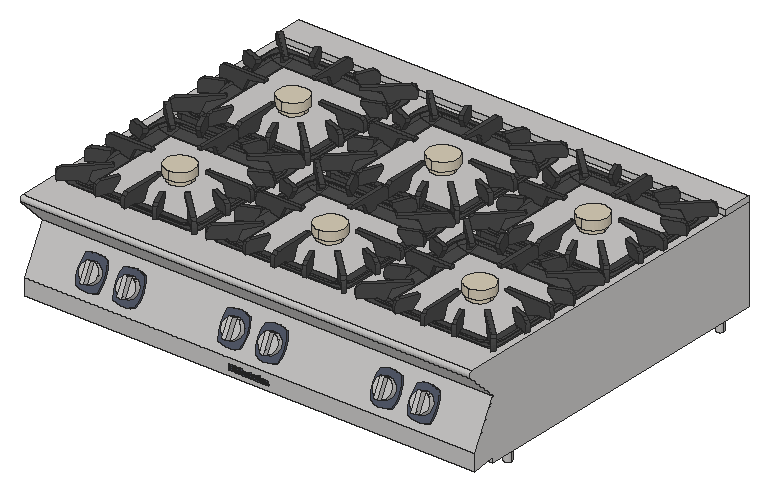
Revit family "QF_ELECTROLUXPROFESSIONAL_391196_E9GCTL6C0M", category Specialty Equipment, Revit 2018
Family settings
  Round Connector Dimension = Use Diameter
  Part Type = Normal
  Work Plane-Based = No
  Always vertical = Yes
  Cut with Voids When Loaded = No
  Shared = No
  Room Calculation Point = No
Parameters
  Width = 1200.000 mm  # constant formula
  Weight in Pounds = 90  # constant formula
  Watts = 0 W
  URL Cutsheet = "www.electrolux.com"
  URL = "www.electrolux.com"
  Type Mark [instance] = ""
  Status [instance] = ""
  Specification by User [instance] = ""
  Specification by Manufacturer = ""
  Show Logo [instance] = yes
  Show Clearance [instance] = yes
  Serial Number = ""
  Seismic Rating = ""
  SMACNA No = ""
  Revision Code [instance] = ""
  Omniclass Number and Title = ""
  NAFEM Spec ID Number = ""
  Model = "391196"
  Mechanical Remarks [instance] = ""
  Mechanical Connection Type [instance] = ""
  Masterspec = ""
  Manufacturer = "ELECTROLUX"
  Item Number [instance] = ""
  Installed By [instance] = ""
  Identify Quantity as Lot [instance] = yes
  Height = 288.925 mm  # constant formula
  HP = "0 HP"
  Gas Size = 12.700 mm  # 1/2"
  Gas RI Height [instance] = 0.000 mm
  Gas KW [instance] = 60  # constant formula
  Gas Input [instance] = 59944.8 VA  # 204540.0 Btu/h
  Gas Connection Height = 0.000 mm
  Furnished By [instance] = ""
  Foodservice Equipment Identifier [instance] = yes
  Direct Waste Size = 0"
  Description = "900XP 6 GAS BOILING TOP 7.5 kW - TOWN GAS"
  Depth = 930.000 mm  # constant formula
  CSI MasterFormat = ""
  CSI Master Format = ""
  Base Height = 24.000 mm  # constant formula
  Assembly Code = ""
Reference planes
  plane 1 "BACK": y = 0
  plane 2: z = 0
  plane 3 "LEFT": x = 0
  plane 4 "RIGHT": x = 1200
  plane 5 "FRONT": y = -930
  plane 6 "TOP": z = 274.825
  plane 7 "Center Y": x = 600
  plane 8 "Center X": y = -465
  plane 9: z = 24
  plane 10: z = 288.925
  plane 11: z = 309.825
  plane 12: y = -80.7
  plane 13: y = -788.7
  plane 14: z = 53
  plane 15: y = -664.7
  plane 16: y = -607.7
  plane 17: x = 1148
  plane 18: x = 1049
  plane 19: z = 3.812
  plane 20: x = 11.112
  plane 21: x = 1148
  plane 22: x = 1188.888
Forms (mm)
  Extrusion 1, solid, material "QF_Finishes_Stainless Steel"
    sketch origin (0, 0, 0) x (0, 1, 0) y (0, 0, 1)
      loop
        line (0, 274.825) -> (0, 288.925) -> (-76.2, 288.925) -> (-76.2, 274.825) -> (0, 274.825)
    from 0 to 1200
  Extrusion 2, solid, material "QF_Clearances", visible <- "Show Clearance", detail levels coarse
    sketch origin (0, 0, 0) x (1, 0, 0) y (0, 1, 0)
      loop
        line (-100, -929.879) -> (0, -929.879) -> (0, 0) -> (1200, 0) -> (1200, -929.879) -> (1300, -929.879) -> (1300, 100) -> (-100, 100) -> (-100, -929.879)
    from 0 to 309.825
  Extrusion 3, void
    sketch origin (0, 0, 0) x (1, 0, 0) y (0, 1, 0)
      loop
        line (44.565, -824.098) -> (358.141, -824.098)
        arc (358.141, -824.098) -> (374.37, -817.376) -> (381.092, -801.147) r 22.951
        line (381.092, -801.147) -> (381.092, -114.13)
        arc (381.092, -114.13) -> (374.37, -97.901) -> (358.141, -91.179) r 22.951
        line (358.141, -91.179) -> (44.565, -91.179)
        arc (44.565, -91.179) -> (28.336, -97.901) -> (21.614, -114.13) r 22.951
        line (21.614, -114.13) -> (21.614, -801.147)
        arc (21.614, -801.147) -> (28.336, -817.376) -> (44.565, -824.098) r 22.951
    from 263.061 to 276.145
  Extrusion 4, solid, material "QF_Finishes_Stainless Steel"
    sketch origin (0, -877.839, 0) x (1, 0, 0) y (0, 1, 0)
      loop
        circle (11.112, 89.139) r 9.525
      loop
        circle (1188.888, 89.139) r 9.525
    from 0 to 23.812
  Extrusion 5, solid, material "QF_Finishes_Navy Blue"
    sketch origin (-2.306, -915.924, 68.182) x (0, 0.465426, 0.885087) y (-1, 0, 0)
      loop
        arc (102.623, -510.47) -> (67.041, -502.846) -> (31.333, -509.853) r 90.5
        arc (31.333, -509.853) -> (24.507, -539.04) -> (31.333, -568.228) r 65.817
        arc (31.333, -568.228) -> (67.04, -575.188) -> (102.623, -567.615) r 91.066
        arc (102.623, -567.615) -> (109.179, -539.043) -> (102.623, -510.47) r 65.546
    from 0 to 3.175
  Extrusion 6, solid, material "QF_Finishes_Stainless Steel"
    sketch origin (-2.306, -918.734, 69.66) x (0, 0.465426, 0.885087) y (-1, 0, 0)
      loop
        circle (66.843, -539.713) r 25.4
    from 0 to 12.7
  Extrusion 7, solid, material "QF_Finishes_Stainless Steel"
    sketch origin (-2.306, -929.975, 75.571) x (0, 0.465426, 0.885087) y (-1, 0, 0)
      loop
        arc (91.575, -545.499) -> (92.243, -539.713) -> (91.575, -533.927) r 25.4
        line (91.575, -533.927) -> (42.111, -533.927)
        arc (42.111, -533.927) -> (41.443, -539.713) -> (42.111, -545.499) r 25.4
        line (42.111, -545.499) -> (91.575, -545.499)
    from 0 to 12.7
  Extrusion 8, solid, material "QF_Finishes_Navy Blue"
    sketch origin (97.694, -915.924, 68.182) x (0, 0.465426, 0.885087) y (-1, 0, 0)
      loop
        arc (102.623, -510.47) -> (67.041, -502.846) -> (31.333, -509.853) r 90.5
        arc (31.333, -509.853) -> (24.507, -539.04) -> (31.333, -568.228) r 65.817
        arc (31.333, -568.228) -> (67.04, -575.188) -> (102.623, -567.615) r 91.066
        arc (102.623, -567.615) -> (109.179, -539.043) -> (102.623, -510.47) r 65.546
    from 0 to 3.175
  Extrusion 9, solid, material "QF_Finishes_Stainless Steel"
    sketch origin (-2.306, -918.734, 69.66) x (0, 0.465426, 0.885087) y (-1, 0, 0)
      loop
        circle (66.843, -639.713) r 25.4
    from 0 to 12.7
  Extrusion 10, solid, material "QF_Finishes_Stainless Steel"
    sketch origin (-2.306, -929.975, 75.571) x (0, 0.465426, 0.885087) y (-1, 0, 0)
      loop
        arc (91.575, -645.499) -> (92.243, -639.713) -> (91.575, -633.927) r 25.4
        line (91.575, -633.927) -> (42.111, -633.927)
        arc (42.111, -633.927) -> (41.443, -639.713) -> (42.111, -645.499) r 25.4
        line (42.111, -645.499) -> (91.575, -645.499)
    from 0 to 12.7
  Extrusion 11, void
    sketch origin (398.075, 0, 0) x (1, 0, 0) y (0, 1, 0)
      loop
        line (41.909, -824.098) -> (358.141, -824.098)
        arc (358.141, -824.098) -> (374.37, -817.376) -> (381.092, -801.147) r 22.951
        line (381.092, -801.147) -> (381.092, -114.13)
        arc (381.092, -114.13) -> (374.37, -97.901) -> (358.141, -91.179) r 22.951
        line (358.141, -91.179) -> (41.909, -91.179)
        arc (41.909, -91.179) -> (25.68, -97.901) -> (18.958, -114.13) r 22.951
        line (18.958, -114.13) -> (18.958, -801.147)
        arc (18.958, -801.147) -> (25.68, -817.376) -> (41.909, -824.098) r 22.951
    from 263.061 to 276.145
  Extrusion 12, solid, material "QF_Finishes_Stainless Steel"
    sketch origin (399.95, -851.972, 23.812) x (1, 0, 0) y (0, -1, 0)
      loop
        circle (748.05, -187.272) r 6.35
    from -29.188 to 12.621
  Extrusion 13, solid, material "QF_Finishes_Stainless Steel"
    sketch origin (799.95, -930, -3.175) x (1, 0, 0) y (0, 0, 1)
      loop
        circle (348.05, 56.936) r 6.35
    from -90.903 to -930
  Revolve 14, solid, material "QF_Finishes_Stainless Steel"
    sketch origin (399.95, -607.7, 0) x (1, 0, 0) y (0, 0, 1)
      loop
        line (649.05, 24) -> (649.05, 3.812) -> (654.05, 3.812) -> (654.05, 24) -> (649.05, 24)
      axis (649.05, 3.812) -> (649.05, 24)
    angle from 0 to 360
  Extrusion 15, solid, material "QF_Finishes_Navy Blue", visible <- "Show Logo"
    sketch origin (400, -913.213, 30.163) x (0, 0, 1) y (-1, 0, 0)
      loop
        line (27.764, -154.438) -> (15.398, -154.438)
        arc (15.398, -154.438) -> (21.581, -159.009) -> (27.764, -154.438) r 6.467
      loop
        arc (27.764, -153.809) -> (26.595, -148.666) -> (21.939, -146.188) r 6.338
        line (21.939, -146.188) -> (21.939, -148.234)
        arc (21.939, -148.234) -> (23.423, -151.889) -> (26.869, -153.809) r 5.941
        line (26.869, -153.809) -> (27.764, -153.809)
      loop
        arc (16.293, -153.809) -> (19.739, -151.889) -> (21.222, -148.234) r 5.941
        line (21.222, -148.234) -> (21.222, -146.188)
        arc (21.222, -146.188) -> (16.528, -148.662) -> (15.239, -153.809) r 6.504
        line (15.239, -153.809) -> (16.293, -153.809)
      loop
        line (28.439, -145.719) -> (14.695, -145.719) -> (14.695, -159.482) -> (28.439, -159.482) -> (28.439, -145.719)
      loop
        arc (28.523, -162.449) -> (28.175, -162.092) -> (27.808, -162.43) r 0.358
        arc (27.808, -162.43) -> (27.494, -163.18) -> (26.777, -163.565) r 1.216
        line (26.777, -163.565) -> (16.364, -163.565)
        arc (16.364, -163.565) -> (15.704, -163.287) -> (15.308, -162.691) r 1.238
        arc (15.308, -162.691) -> (14.914, -162.44) -> (14.608, -162.794) r 0.358
        line (14.608, -162.794) -> (14.608, -172.673) -> (17.359, -172.673) -> (17.359, -171.776)
        arc (17.359, -171.776) -> (16.45, -171.196) -> (15.995, -170.219) r 1.928
        line (15.995, -170.219) -> (15.995, -167.719)
        arc (15.995, -167.719) -> (16.27, -166.991) -> (16.959, -166.627) r 1.101
        line (16.959, -166.627) -> (21.045, -166.627) -> (21.045, -170.3)
        arc (21.045, -170.3) -> (20.692, -170.797) -> (20.127, -171.025) r 1.083
        arc (20.127, -171.025) -> (19.864, -171.331) -> (20.156, -171.609) r 0.292
        line (20.156, -171.609) -> (23.118, -171.609)
        arc (23.118, -171.609) -> (23.421, -171.336) -> (23.182, -171.006) r 0.305
        arc (23.182, -171.006) -> (22.692, -170.758) -> (22.387, -170.3) r 1.083
        line (22.387, -170.3) -> (22.387, -166.627) -> (27.064, -166.627) -> (27.064, -170.374)
        arc (27.064, -170.374) -> (26.85, -171.13) -> (26.243, -171.628) r 1.314
        arc (26.243, -171.628) -> (26.024, -172.032) -> (26.379, -172.324) r 0.361
        line (26.379, -172.324) -> (28.523, -172.324) -> (28.523, -162.449)
      loop
        arc (27.805, -173.105) -> (27.425, -174.023) -> (26.506, -174.404) r 1.299
        line (26.506, -174.404) -> (16.928, -174.404)
        arc (16.928, -174.404) -> (16.09, -174.026) -> (15.818, -173.148) r 1.118
        line (15.818, -173.148) -> (14.608, -173.148) -> (14.608, -178.498) -> (15.797, -178.498)
        arc (15.797, -178.498) -> (16.068, -177.581) -> (16.938, -177.185) r 1.153
        line (16.938, -177.185) -> (29.011, -177.185) -> (27.805, -173.105)
      loop
        line (19.573, -181.134) -> (19.573, -187.581) -> (20.372, -187.581)
        arc (20.372, -187.581) -> (22.953, -186.597) -> (24.221, -184.143) r 3.874
        line (24.221, -184.143) -> (24.221, -182.383)
        arc (24.221, -182.383) -> (23.035, -179.518) -> (20.17, -178.332) r 4.051
        line (20.17, -178.332) -> (18.162, -178.332)
        arc (18.162, -178.332) -> (15.344, -179.816) -> (14.292, -182.824) r 4.352
        arc (14.292, -182.824) -> (14.656, -185.287) -> (16.034, -187.361) r 5.713
        line (16.034, -187.361) -> (16.983, -187.361)
        arc (16.983, -187.361) -> (16.25, -185.792) -> (16.034, -184.074) r 5.579
        arc (16.034, -184.074) -> (16.828, -182.111) -> (18.707, -181.134) r 3.057
        line (18.707, -181.134) -> (19.573, -181.134)
      loop
        line (20.832, -181.134) -> (20.832, -184.716)
        arc (20.832, -184.716) -> (22.289, -184.763) -> (23.172, -183.604) r 1.59
        line (23.172, -183.604) -> (23.172, -182.774)
        arc (23.172, -182.774) -> (22.308, -181.519) -> (20.832, -181.134) r 2.184
      loop
        arc (23.623, -196.999) -> (24.112, -195.325) -> (24.27, -193.588) r 9.023
        line (24.27, -193.588) -> (24.27, -192.225)
        arc (24.27, -192.225) -> (23.11, -189.426) -> (20.311, -188.266) r 3.959
        line (20.311, -188.266) -> (17.71, -188.266)
        arc (17.71, -188.266) -> (15.429, -189.559) -> (14.311, -191.932) r 4.331
        line (14.311, -191.932) -> (14.311, -194.067)
        arc (14.311, -194.067) -> (14.819, -195.617) -> (15.741, -196.963) r 5.772
        arc (15.741, -196.963) -> (16.503, -197.014) -> (16.589, -196.255) r 0.553
        arc (16.589, -196.255) -> (16.201, -195.521) -> (16.068, -194.702) r 2.573
        line (16.068, -194.702) -> (16.068, -193.187)
        arc (16.068, -193.187) -> (17.073, -191.545) -> (18.888, -190.903) r 2.884
        line (18.888, -190.903) -> (20.167, -190.903)
        arc (20.167, -190.903) -> (21.988, -191.463) -> (22.915, -193.128) r 2.554
        line (22.915, -193.128) -> (22.915, -194.181)
        arc (22.915, -194.181) -> (22.583, -195.109) -> (21.926, -195.844) r 2.564
        arc (21.926, -195.844) -> (21.705, -196.561) -> (22.314, -196.999) r 0.643
        line (22.314, -196.999) -> (23.623, -196.999)
      loop
        line (22.605, -197.269) -> (22.605, -198.77) -> (16.557, -198.77)
        arc (16.557, -198.77) -> (14.969, -199.428) -> (14.311, -201.016) r 2.246
        line (14.311, -201.016) -> (14.311, -202.6)
        arc (14.311, -202.6) -> (14.625, -203.464) -> (15.126, -204.236) r 4.06
        arc (15.126, -204.236) -> (15.858, -204.369) -> (16.109, -203.668) r 0.576
        arc (16.109, -203.668) -> (16.003, -203.142) -> (16.068, -202.61) r 1.69
        arc (16.068, -202.61) -> (16.609, -201.822) -> (17.516, -201.519) r 1.506
        line (17.516, -201.519) -> (22.653, -201.519) -> (22.653, -203.916) -> (23.21, -204.472) -> (24.031, -204.472) -> (24.031, -201.612) -> (27.263, -201.612) -> (22.605, -197.269)
      loop
        line (14.529, -205.37) -> (14.529, -210.757) -> (15.639, -210.757)
        arc (15.639, -210.757) -> (16.033, -209.806) -> (16.984, -209.412) r 1.345
        line (16.984, -209.412) -> (20.6, -209.412)
        arc (20.6, -209.412) -> (21.364, -210.003) -> (21.654, -210.926) r 1.615
        line (21.654, -210.926) -> (21.654, -212.482) -> (24.21, -213.167) -> (24.21, -211.784) -> (22.267, -209.225) -> (24.147, -209.225) -> (23.863, -206.519)
        arc (23.863, -206.519) -> (23.423, -205.989) -> (22.765, -206.19) r 0.621
        arc (22.765, -206.19) -> (22.364, -206.532) -> (21.87, -206.715) r 1.501
        line (21.87, -206.715) -> (16.984, -206.715)
        arc (16.984, -206.715) -> (16.033, -206.321) -> (15.639, -205.37) r 1.345
        line (15.639, -205.37) -> (14.529, -205.37)
      loop
        line (20.631, -212.704) -> (17.938, -212.704)
        arc (17.938, -212.704) -> (15.493, -214.012) -> (14.359, -216.542) r 4.288
        arc (14.359, -216.542) -> (14.295, -217.923) -> (14.359, -219.303) r 15.022
        arc (14.359, -219.303) -> (15.493, -221.833) -> (17.938, -223.141) r 4.288
        line (17.938, -223.141) -> (20.631, -223.141)
        arc (20.631, -223.141) -> (23.076, -221.833) -> (24.21, -219.303) r 4.288
        arc (24.21, -219.303) -> (24.273, -217.923) -> (24.21, -216.542) r 15.022
        arc (24.21, -216.542) -> (23.076, -214.012) -> (20.631, -212.704) r 4.288
      loop
        line (20.835, -215.818) -> (17.734, -215.818)
        arc (17.734, -215.818) -> (15.577, -217.975) -> (17.734, -220.132) r 2.157
        line (17.734, -220.132) -> (20.835, -220.132)
        arc (20.835, -220.132) -> (22.992, -217.975) -> (20.835, -215.818) r 2.157
      loop
        arc (27.816, -222.999) -> (27.446, -223.893) -> (26.552, -224.264) r 1.264
        line (26.552, -224.264) -> (16.687, -224.264)
        arc (16.687, -224.264) -> (15.817, -223.867) -> (15.546, -222.951) r 1.153
        line (15.546, -222.951) -> (14.608, -222.951) -> (14.608, -228.059) -> (15.536, -228.059)
        arc (15.536, -228.059) -> (15.896, -227.287) -> (16.687, -226.972) r 1.153
        line (16.687, -226.972) -> (29.011, -226.972) -> (27.816, -222.999)
      loop
        arc (22.936, -227.596) -> (22.737, -228.661) -> (21.768, -229.143) r 1.215
        line (21.768, -229.143) -> (16.748, -229.143)
        arc (16.748, -229.143) -> (15.134, -229.79) -> (14.413, -231.373) r 2.338
        line (14.413, -231.373) -> (14.413, -232.888)
        arc (14.413, -232.888) -> (14.587, -233.892) -> (15.09, -234.778) r 2.979
        line (15.09, -234.778) -> (14.608, -236.574) -> (14.608, -238.263) -> (24.034, -238.263) -> (23.74, -234.06) -> (22.953, -234.06)
        arc (22.953, -234.06) -> (22.598, -234.896) -> (21.845, -235.405) r 1.605
        line (21.845, -235.405) -> (16.742, -235.405)
        arc (16.742, -235.405) -> (16.322, -234.468) -> (16.249, -233.444) r 2.94
        arc (16.249, -233.444) -> (16.81, -232.343) -> (17.964, -231.9) r 1.724
        line (17.964, -231.9) -> (24.16, -231.9) -> (22.936, -227.596)
      loop
        line (23.965, -239.117) -> (22.292, -241.163) -> (19.118, -243.469) -> (15.662, -240.357)
        arc (15.662, -240.357) -> (15.425, -239.963) -> (15.447, -239.504) r 0.789
        line (15.447, -239.504) -> (14.608, -239.504) -> (14.608, -243.049) -> (15.434, -243.049)
        arc (15.434, -243.049) -> (15.777, -242.687) -> (16.267, -242.779) r 0.52
        line (16.267, -242.779) -> (18.067, -244.25) -> (15.948, -245.625)
        arc (15.948, -245.625) -> (15.547, -245.315) -> (15.46, -244.816) r 0.7
        line (15.46, -244.816) -> (14.608, -244.816) -> (14.608, -250.743) -> (15.495, -250.743)
        arc (15.495, -250.743) -> (15.562, -250.084) -> (15.957, -249.552) r 1.247
        line (15.957, -249.552) -> (20.156, -246.271) -> (22.604, -248.325) -> (23.965, -250.067) -> (23.965, -246.343) -> (22.479, -246.766) -> (20.958, -245.489) -> (22.658, -244.299) -> (23.965, -245.075) -> (23.965, -239.117)
    from 0 to 1.644
  Extrusion 16, solid, material "QF_Finishes_Stainless Steel"
    sketch origin (0, 0, 0) x (0, 1, 0) y (0, 0, 1)
      loop
        line (0, 24) -> (0, 274.825) -> (-921.25, 274.825)
        arc (-921.25, 274.825) -> (-929.222, 269.498) -> (-927.352, 260.093) r 8.63
        line (-927.352, 260.093) -> (-853.789, 186.53) -> (-913.212, 73.338) -> (-913.212, 30.701) -> (-855.589, 38.8)
        arc (-855.589, 38.8) -> (-853.064, 38.052) -> (-851.972, 35.656) r 3.175
        line (-851.972, 35.656) -> (-851.972, 24) -> (0, 24)
    from 0 to 1200
  Extrusion 17, solid, material "QF_Finishes_Stainless Steel"
    sketch origin (0, -169.839, 0) x (1, 0, 0) y (0, 1, 0)
      loop
        circle (11.112, 89.139) r 9.525
      loop
        circle (1188.888, 89.139) r 9.525
    from 0 to 23.812
  Extrusion 18, void
    sketch origin (798.075, 0, 0) x (1, 0, 0) y (0, 1, 0)
      loop
        line (41.909, -824.098) -> (358.141, -824.098)
        arc (358.141, -824.098) -> (374.37, -817.376) -> (381.092, -801.147) r 22.951
        line (381.092, -801.147) -> (381.092, -114.13)
        arc (381.092, -114.13) -> (374.37, -97.901) -> (358.141, -91.179) r 22.951
        line (358.141, -91.179) -> (41.909, -91.179)
        arc (41.909, -91.179) -> (25.68, -97.901) -> (18.958, -114.13) r 22.951
        line (18.958, -114.13) -> (18.958, -801.147)
        arc (18.958, -801.147) -> (25.68, -817.376) -> (41.909, -824.098) r 22.951
    from 263.061 to 276.145
  Extrusion 19, solid, material "QF_Finishes_Navy Blue"
    sketch origin (1582.256, -915.924, 68.182) x (0, 0.465426, 0.885087) y (-1, 0, 0)
      loop
        arc (102.623, 510.47) -> (109.179, 539.043) -> (102.623, 567.615) r 65.546
        arc (102.623, 567.615) -> (67.04, 575.188) -> (31.333, 568.228) r 91.066
        arc (31.333, 568.228) -> (24.507, 539.04) -> (31.333, 509.853) r 65.817
        arc (31.333, 509.853) -> (67.041, 502.846) -> (102.623, 510.47) r 90.5
    from 0 to 3.175
  Extrusion 20, solid, material "QF_Finishes_Stainless Steel"
    sketch origin (1582.256, -918.734, 69.66) x (0, 0.465426, 0.885087) y (-1, 0, 0)
      loop
        circle (66.843, 539.713) r 25.4
    from 0 to 12.7
  Extrusion 21, solid, material "QF_Finishes_Stainless Steel"
    sketch origin (1582.256, -929.975, 75.571) x (0, 0.465426, 0.885087) y (-1, 0, 0)
      loop
        line (91.575, 545.499) -> (42.111, 545.499)
        arc (42.111, 545.499) -> (41.443, 539.713) -> (42.111, 533.927) r 25.4
        line (42.111, 533.927) -> (91.575, 533.927)
        arc (91.575, 533.927) -> (92.243, 539.713) -> (91.575, 545.499) r 25.4
    from 0 to 12.7
  Extrusion 22, solid, material "QF_Finishes_Navy Blue"
    sketch origin (1482.256, -915.924, 68.182) x (0, 0.465426, 0.885087) y (-1, 0, 0)
      loop
        arc (102.623, 510.47) -> (109.179, 539.043) -> (102.623, 567.615) r 65.546
        arc (102.623, 567.615) -> (67.04, 575.188) -> (31.333, 568.228) r 91.066
        arc (31.333, 568.228) -> (24.507, 539.04) -> (31.333, 509.853) r 65.817
        arc (31.333, 509.853) -> (67.041, 502.846) -> (102.623, 510.47) r 90.5
    from 0 to 3.175
  Extrusion 23, solid, material "QF_Finishes_Stainless Steel"
    sketch origin (1582.256, -918.734, 69.66) x (0, 0.465426, 0.885087) y (-1, 0, 0)
      loop
        circle (66.843, 639.713) r 25.4
    from 0 to 12.7
  Extrusion 24, solid, material "QF_Finishes_Stainless Steel"
    sketch origin (1582.256, -929.975, 75.571) x (0, 0.465426, 0.885087) y (-1, 0, 0)
      loop
        line (91.575, 645.499) -> (42.111, 645.499)
        arc (42.111, 645.499) -> (41.443, 639.713) -> (42.111, 633.927) r 25.4
        line (42.111, 633.927) -> (91.575, 633.927)
        arc (91.575, 633.927) -> (92.243, 639.713) -> (91.575, 645.499) r 25.4
    from 0 to 12.7
  Extrusion 25, solid, material "QF_Finishes_Navy Blue"
    sketch origin (-382.256, -915.924, 68.182) x (0, 0.465426, 0.885087) y (-1, 0, 0)
      loop
        arc (102.623, -510.47) -> (67.041, -502.846) -> (31.333, -509.853) r 90.5
        arc (31.333, -509.853) -> (24.507, -539.04) -> (31.333, -568.228) r 65.817
        arc (31.333, -568.228) -> (67.04, -575.188) -> (102.623, -567.615) r 91.066
        arc (102.623, -567.615) -> (109.179, -539.043) -> (102.623, -510.47) r 65.546
    from 0 to 3.175
  Extrusion 26, solid, material "QF_Finishes_Stainless Steel"
    sketch origin (-382.256, -918.734, 69.66) x (0, 0.465426, 0.885087) y (-1, 0, 0)
      loop
        circle (66.843, -539.713) r 25.4
    from 0 to 12.7
  Extrusion 27, solid, material "QF_Finishes_Stainless Steel"
    sketch origin (-382.256, -929.975, 75.571) x (0, 0.465426, 0.885087) y (-1, 0, 0)
      loop
        arc (91.575, -545.499) -> (92.243, -539.713) -> (91.575, -533.927) r 25.4
        line (91.575, -533.927) -> (42.111, -533.927)
        arc (42.111, -533.927) -> (41.443, -539.713) -> (42.111, -545.499) r 25.4
        line (42.111, -545.499) -> (91.575, -545.499)
    from 0 to 12.7
  Extrusion 28, solid, material "QF_Finishes_Navy Blue"
    sketch origin (-282.256, -915.924, 68.182) x (0, 0.465426, 0.885087) y (-1, 0, 0)
      loop
        arc (102.623, -510.47) -> (67.041, -502.846) -> (31.333, -509.853) r 90.5
        arc (31.333, -509.853) -> (24.507, -539.04) -> (31.333, -568.228) r 65.817
        arc (31.333, -568.228) -> (67.04, -575.188) -> (102.623, -567.615) r 91.066
        arc (102.623, -567.615) -> (109.179, -539.043) -> (102.623, -510.47) r 65.546
    from 0 to 3.175
  Extrusion 29, solid, material "QF_Finishes_Stainless Steel"
    sketch origin (-382.256, -918.734, 69.66) x (0, 0.465426, 0.885087) y (-1, 0, 0)
      loop
        circle (66.843, -639.713) r 25.4
    from 0 to 12.7
  Extrusion 30, solid, material "QF_Finishes_Stainless Steel"
    sketch origin (-382.256, -929.975, 75.571) x (0, 0.465426, 0.885087) y (-1, 0, 0)
      loop
        arc (91.575, -645.499) -> (92.243, -639.713) -> (91.575, -633.927) r 25.4
        line (91.575, -633.927) -> (42.111, -633.927)
        arc (42.111, -633.927) -> (41.443, -639.713) -> (42.111, -645.499) r 25.4
        line (42.111, -645.499) -> (91.575, -645.499)
    from 0 to 12.7
Cuts and joins
  Extrusion 3, Extrusion 11, Extrusion 18 cuts Extrusion 16
Lines and regions (mm)
  symbolic lines
    curve 1: line (0, -929.879, 0) -> (1200, -929.879, 0)
    curve 2: line (0, 0, 0) -> (0, -929.879, 0)
    curve 3: line (1200, 0, 0) -> (0, 0, 0)
    curve 4: line (0, -76.2, 0) -> (399.95, -76.2, 0)
    curve 7: line (1200, -929.879, 0) -> (1200, 0, 0)
    curve 8: line (399.95, -76.2, 0) -> (1200, -76.2, 0)
  symbolic lines, style "QF_Clearances", visible <- "Show Clearance", detail levels coarse
    curve 5: line (-100, -929.879, 0) -> (-100, 100, 0)
    curve 6: line (-100, 100, 0) -> (1300, 100, 0)
    curve 9: line (1300, -929.879, 0) -> (1300, 100, 0)
Dimensions and locks
  equal spacing: plane 3 "LEFT", plane 7 "Center Y", plane 4 "RIGHT"
  "Width": plane 3 "LEFT" to plane 4 "RIGHT"
  equal spacing: plane 5 "FRONT", plane 8 "Center X", plane 1 "BACK"
  "Depth": plane 5 "FRONT" to plane 1 "BACK"
  "Height": plane 10 to level
  plane 6 "TOP" to plane 9 = 250.825 mm  (x2)
  "Base Height": plane 9 to level
  plane 12 to plane 13 = 708.000 mm
  plane 1 "BACK" to plane 5 "FRONT" = 930.000 mm
  plane 11 to plane 6 "TOP" = 35.000 mm
  plane 9 to level = 24.000 mm
  plane 14 to level = 53.000 mm
  plane 17 to plane 4 "RIGHT" = 52.000 mm
  plane 4 "RIGHT" to plane 18 = 151.000 mm
  plane 4 "RIGHT" to plane 3 "LEFT" = 1200.000 mm
  Extrusion 16 sketch curve to Extrusion 16 sketch curve to Extrusion 16 sketch curve to Extrusion 16 sketch curve to Extrusion 16 sketch curve to Extrusion 16 sketch curve to Extrusion 16 sketch curve to Extrusion 16 sketch curve = 0.000 mm locked, 1.817 mm locked, 1.800 mm locked, 57.624 mm locked, 0.000 mm locked, 8.037 mm, 6.102 mm locked
  plane 21 to plane 4 "RIGHT" = 52.000 mm
  plane 22 to plane 20 = 1177.775 mm
  nested 4 to plane 20 = 11.137 mm
  plane 22 to nested 6 = 11.087 mm
  nested 3 to plane 12 = 82.000 mm
  plane 13 to cut or joined group of Extrusion 3, Extrusion 11, Extrusion 16, Extrusion 18 = 124.512 mm
  nested 3 to plane 16 = 609.000 mm
  nested 3 to plane 15 = 666.000 mm
  plane 9 to plane 19 = 20.188 mm
  aligned and locked: level to plane 2
  aligned and locked: curve 6 to Extrusion 2
  aligned and locked: curve 5 to Extrusion 2
  aligned and locked: plane 4 "RIGHT" to Extrusion 16
  aligned and locked: plane 4 "RIGHT" to Extrusion 1
  aligned and locked: plane 16 to Revolve 14
  aligned and locked: plane 11 to Extrusion 2
  aligned and locked: plane 11 to nested 1
  aligned and locked: nested 3 to plane 11
  aligned and locked: nested 5 to Extrusion 2
  aligned and locked: nested 2 to Extrusion 2
  aligned and locked: Extrusion 2 to nested 4
  aligned and locked: Extrusion 2 to nested 6
Automatic sketch dimensions
  curve 2 to plane 3 "LEFT" = 0.000 mm
  plane 1 "BACK" to curve 3 = 0.000 mm
  curve 7 to plane 4 "RIGHT" = 0.000 mm
  curve 8 to plane 12 = 4.500 mm
  curve 8 to plane 7 "Center Y" = 200.050 mm
  plane 4 "RIGHT" to curve 9 = 100.000 mm
  curve 9 to plane 5 "FRONT" = 0.121 mm
  curve 5 to plane 5 "FRONT" = 0.121 mm
  Extrusion 1 sketch curve to plane 6 "TOP" = 0.000 mm
  Extrusion 1 sketch curve to plane 10 = 0.000 mm
  Extrusion 1 sketch curve to plane 1 "BACK" = 0.000 mm
  Extrusion 1 sketch curve to plane 12 = 4.500 mm
  Extrusion 2 sketch curve to plane 3 "LEFT" = 0.000 mm
  plane 1 "BACK" to Extrusion 2 sketch curve = 0.000 mm
  Extrusion 2 sketch curve to plane 4 "RIGHT" = 0.000 mm
  Extrusion 2 sketch curve to plane 3 "LEFT" = 100.000 mm
  plane 4 "RIGHT" to Extrusion 2 sketch curve = 100.000 mm
  Extrusion 2 sketch curve to plane 5 "FRONT" = 0.121 mm  (x2)
  Extrusion 2 sketch curve to plane 1 "BACK" = 100.000 mm
  plane 20 to Extrusion 3 sketch curve = 10.502 mm
  plane 12 to Extrusion 3 sketch curve = 10.479 mm
  Extrusion 3 sketch curve to Extrusion 3 sketch curve = 22.951 mm  (x2)
  plane 13 to Extrusion 3 sketch curve = 35.398 mm
  Extrusion 3 sketch curve to plane 7 "Center Y" = 241.859 mm  (x2)
  plane 12 to Extrusion 3 sketch curve = 33.430 mm
  Extrusion 4 sketch curve to Extrusion 4 sketch curve = 0.000 mm  (x4)
  plane 13 to Extrusion 4 sketch curve = 0.000 mm  (x2)
  Extrusion 4 sketch curve to plane 20 = 0.000 mm
  Extrusion 4 sketch curve to plane 22 = 0.000 mm
  plane 3 "LEFT" to Extrusion 4 sketch curve = 1.587 mm
  Extrusion 4 sketch curve to Extrusion 4 sketch curve = 9.525 mm
  Extrusion 5 sketch curve to plane 7 "Center Y" = 92.454 mm
  Extrusion 5 sketch curve to plane 7 "Center Y" = 34.078 mm
  Extrusion 5 sketch curve to Extrusion 5 sketch curve = 0.000 mm
  Extrusion 5 sketch curve to Extrusion 5 sketch curve = 12.300 mm  (x3)
  Extrusion 5 sketch curve to plane 7 "Center Y" = 8.964 mm
  Extrusion 5 sketch curve to Extrusion 5 sketch curve = 34.925 mm  (x2)
  Extrusion 5 sketch curve to Extrusion 5 sketch curve = 46.691 mm
  Extrusion 5 sketch curve to Extrusion 5 sketch curve = 28.575 mm
  Extrusion 7 sketch curve to Extrusion 7 sketch curve = 24.732 mm
  Extrusion 7 sketch curve to Extrusion 7 sketch curve = 0.000 mm
  plane 7 "Center Y" to Extrusion 8 sketch curve = 7.546 mm
  Extrusion 8 sketch curve to Extrusion 8 sketch curve = 0.000 mm
  Extrusion 8 sketch curve to Extrusion 8 sketch curve = 12.300 mm  (x3)
  Extrusion 8 sketch curve to Extrusion 8 sketch curve = 34.925 mm  (x2)
  Extrusion 8 sketch curve to plane 7 "Center Y" = 18.181 mm
  Extrusion 8 sketch curve to Extrusion 8 sketch curve = 46.691 mm
  plane 7 "Center Y" to Extrusion 8 sketch curve = 8.164 mm
  Extrusion 8 sketch curve to Extrusion 8 sketch curve = 25.114 mm
  Extrusion 10 sketch curve to Extrusion 10 sketch curve = 0.000 mm  (x3)
  Extrusion 10 sketch curve to Extrusion 10 sketch curve = 24.732 mm  (x2)
  Extrusion 10 sketch curve to Extrusion 10 sketch curve = 5.786 mm
  plane 13 to Extrusion 11 sketch curve = 12.447 mm
  Extrusion 11 sketch curve to plane 7 "Center Y" = 182.967 mm
  plane 12 to Extrusion 11 sketch curve = 10.479 mm
  Extrusion 11 sketch curve to Extrusion 11 sketch curve = 22.951 mm  (x2)
  plane 7 "Center Y" to Extrusion 11 sketch curve = 156.216 mm  (x2)
  plane 12 to Extrusion 11 sketch curve = 33.430 mm
  plane 15 to Extrusion 12 sketch curve = 0.000 mm
  Extrusion 12 sketch curve to plane 17 = 0.000 mm
  Extrusion 13 sketch curve to plane 17 = 0.000 mm
  plane 14 to Extrusion 13 sketch curve = 0.761 mm
  Revolve 14 sketch curve to plane 9 = 0.000 mm
  Revolve 14 sketch curve to plane 18 = 0.000 mm  (x2)
  Revolve 14 sketch curve to plane 14 = 0.000 mm
  Revolve 14 sketch curve to plane 19 = 0.000 mm
  Revolve 14 sketch curve to plane 18 = 5.000 mm
  plane 14 to Revolve 14 sketch curve = 25.000 mm
  Extrusion 15 sketch curve to plane 14 = 13.587 mm
  Extrusion 15 sketch curve to plane 14 = 8.546 mm
  plane 7 "Center Y" to Extrusion 15 sketch curve = 2.600 mm
  Extrusion 15 sketch curve to plane 14 = 8.526 mm  (x2)
  Extrusion 15 sketch curve to Extrusion 15 sketch curve = 5.108 mm  (x2)
  Extrusion 15 sketch curve to Extrusion 15 sketch curve = 0.000 mm  (x26)
  Extrusion 15 sketch curve to plane 14 = 8.425 mm
  Extrusion 15 sketch curve to Extrusion 15 sketch curve = 0.218 mm
  Extrusion 15 sketch curve to Extrusion 15 sketch curve = 0.195 mm
  Extrusion 15 sketch curve to Extrusion 15 sketch curve = 0.249 mm
  Extrusion 15 sketch curve to plane 14 = 8.229 mm
  Extrusion 15 sketch curve to Extrusion 15 sketch curve = 0.087 mm
  Extrusion 15 sketch curve to Extrusion 15 sketch curve = 0.358 mm
  Extrusion 15 sketch curve to Extrusion 15 sketch curve = 0.481 mm
  Extrusion 15 sketch curve to Extrusion 15 sketch curve = 0.597 mm
  Extrusion 15 sketch curve to Extrusion 15 sketch curve = 0.544 mm
  Extrusion 15 sketch curve to Extrusion 15 sketch curve = 0.936 mm
  Extrusion 15 sketch curve to Extrusion 15 sketch curve = 0.594 mm
  Extrusion 15 sketch curve to Extrusion 15 sketch curve = 0.343 mm
  Extrusion 15 sketch curve to Extrusion 15 sketch curve = 0.159 mm
  Extrusion 15 sketch curve to Extrusion 15 sketch curve = 0.826 mm
  Extrusion 15 sketch curve to Extrusion 15 sketch curve = 0.839 mm
  Extrusion 15 sketch curve to Extrusion 15 sketch curve = 0.852 mm
  Extrusion 15 sketch curve to Extrusion 15 sketch curve = 0.887 mm
  Extrusion 15 sketch curve to Extrusion 15 sketch curve = 0.928 mm
  Extrusion 15 sketch curve to Extrusion 15 sketch curve = 0.938 mm
  Extrusion 15 sketch curve to Extrusion 15 sketch curve = 0.444 mm
  Extrusion 15 sketch curve to Extrusion 15 sketch curve = 1.110 mm  (x3)
  Extrusion 15 sketch curve to Extrusion 15 sketch curve = 0.215 mm
  Extrusion 15 sketch curve to Extrusion 15 sketch curve = 1.430 mm
  Extrusion 15 sketch curve to Extrusion 15 sketch curve = 1.188 mm
  Extrusion 15 sketch curve to Extrusion 15 sketch curve = 1.210 mm  (x2)
  Extrusion 15 sketch curve to Extrusion 15 sketch curve = 0.503 mm
  Extrusion 15 sketch curve to Extrusion 15 sketch curve = 0.488 mm
  Extrusion 15 sketch curve to Extrusion 15 sketch curve = 0.462 mm
  Extrusion 15 sketch curve to Extrusion 15 sketch curve = 1.386 mm
  Extrusion 15 sketch curve to Extrusion 15 sketch curve = 1.742 mm  (x2)
  Extrusion 15 sketch curve to Extrusion 15 sketch curve = 0.821 mm
  Extrusion 15 sketch curve to Extrusion 15 sketch curve = 0.497 mm
  Extrusion 15 sketch curve to Extrusion 15 sketch curve = 0.539 mm
  Extrusion 15 sketch curve to Extrusion 15 sketch curve = 0.199 mm
  Extrusion 15 sketch curve to Extrusion 15 sketch curve = 0.408 mm
  Extrusion 15 sketch curve to Extrusion 15 sketch curve = 0.528 mm
  Extrusion 15 sketch curve to Extrusion 15 sketch curve = 1.160 mm
  Extrusion 15 sketch curve to Extrusion 15 sketch curve = 0.329 mm
  Extrusion 15 sketch curve to Extrusion 15 sketch curve = 1.054 mm
  Extrusion 15 sketch curve to Extrusion 15 sketch curve = 1.056 mm
  Extrusion 15 sketch curve to Extrusion 15 sketch curve = 0.129 mm
  Extrusion 15 sketch curve to Extrusion 15 sketch curve = 0.489 mm
  Extrusion 15 sketch curve to Extrusion 15 sketch curve = 0.441 mm
  Extrusion 15 sketch curve to Extrusion 15 sketch curve = 1.151 mm
  Extrusion 15 sketch curve to Extrusion 15 sketch curve = 1.141 mm  (x2)
  Extrusion 15 sketch curve to Extrusion 15 sketch curve = 0.768 mm
  Extrusion 15 sketch curve to Extrusion 15 sketch curve = 1.653 mm
  Extrusion 15 sketch curve to Extrusion 15 sketch curve = 0.499 mm
  Extrusion 15 sketch curve to Extrusion 15 sketch curve = 0.964 mm
  Extrusion 15 sketch curve to Extrusion 15 sketch curve = 0.949 mm
  Extrusion 15 sketch curve to Extrusion 15 sketch curve = 1.345 mm  (x2)
  Extrusion 15 sketch curve to Extrusion 15 sketch curve = 1.101 mm
  Extrusion 15 sketch curve to Extrusion 15 sketch curve = 0.432 mm
  Extrusion 15 sketch curve to Extrusion 15 sketch curve = 1.142 mm
  Extrusion 15 sketch curve to Extrusion 15 sketch curve = 0.959 mm
  Extrusion 15 sketch curve to Extrusion 15 sketch curve = 0.176 mm
  Extrusion 15 sketch curve to Extrusion 15 sketch curve = 0.728 mm
  Extrusion 15 sketch curve to Extrusion 15 sketch curve = 3.375 mm
  Extrusion 15 sketch curve to Extrusion 15 sketch curve = 0.541 mm
  Extrusion 15 sketch curve to Extrusion 15 sketch curve = 0.955 mm
  Extrusion 15 sketch curve to Extrusion 15 sketch curve = 1.251 mm
  Extrusion 15 sketch curve to Extrusion 15 sketch curve = 0.572 mm
  Extrusion 15 sketch curve to Extrusion 15 sketch curve = 1.920 mm
  Extrusion 15 sketch curve to Extrusion 15 sketch curve = 1.224 mm
  Extrusion 15 sketch curve to Extrusion 15 sketch curve = 0.745 mm
  Extrusion 15 sketch curve to Extrusion 15 sketch curve = 2.537 mm
  Extrusion 15 sketch curve to Extrusion 15 sketch curve = 0.896 mm  (x3)
  Extrusion 15 sketch curve to Extrusion 15 sketch curve = 0.036 mm
  Extrusion 15 sketch curve to Extrusion 15 sketch curve = 2.607 mm
  Extrusion 15 sketch curve to Extrusion 15 sketch curve = 0.066 mm
  Extrusion 15 sketch curve to Extrusion 15 sketch curve = 0.248 mm
  Extrusion 15 sketch curve to Extrusion 15 sketch curve = 0.449 mm
  Extrusion 15 sketch curve to Extrusion 15 sketch curve = 1.052 mm
  Extrusion 15 sketch curve to Extrusion 15 sketch curve = 1.863 mm
  Extrusion 15 sketch curve to Extrusion 15 sketch curve = 1.310 mm  (x2)
  Extrusion 15 sketch curve to Extrusion 15 sketch curve = 0.901 mm
  Extrusion 15 sketch curve to Extrusion 15 sketch curve = 1.107 mm
  Extrusion 15 sketch curve to Extrusion 15 sketch curve = 2.122 mm
  Extrusion 15 sketch curve to Extrusion 15 sketch curve = 2.101 mm
  Extrusion 15 sketch curve to Extrusion 15 sketch curve = 0.106 mm
  Extrusion 15 sketch curve to Extrusion 15 sketch curve = 0.029 mm
  Extrusion 15 sketch curve to plane 14 = 2.681 mm
  Extrusion 15 sketch curve to Extrusion 15 sketch curve = 1.279 mm
  Extrusion 15 sketch curve to Extrusion 15 sketch curve = 2.008 mm
  Extrusion 15 sketch curve to Extrusion 15 sketch curve = 0.738 mm
  Extrusion 15 sketch curve to Extrusion 15 sketch curve = 0.382 mm
  Extrusion 15 sketch curve to Extrusion 15 sketch curve = 0.384 mm
  Extrusion 15 sketch curve to Extrusion 15 sketch curve = 0.002 mm
  Extrusion 15 sketch curve to Extrusion 15 sketch curve = 0.561 mm
  Extrusion 15 sketch curve to Extrusion 15 sketch curve = 0.592 mm
  Extrusion 15 sketch curve to plane 14 = 2.207 mm
  Extrusion 15 sketch curve to Extrusion 15 sketch curve = 1.259 mm
  Extrusion 15 sketch curve to Extrusion 15 sketch curve = 0.802 mm
  Extrusion 15 sketch curve to plane 14 = 1.793 mm
  Extrusion 15 sketch curve to Extrusion 15 sketch curve = 0.682 mm
  Extrusion 15 sketch curve to plane 14 = 1.615 mm
  Extrusion 15 sketch curve to plane 14 = 1.478 mm
  Extrusion 15 sketch curve to plane 14 = 1.278 mm
  Extrusion 15 sketch curve to Extrusion 15 sketch curve = 0.021 mm
  Extrusion 15 sketch curve to plane 14 = 1.233 mm
  Extrusion 15 sketch curve to Extrusion 15 sketch curve = 0.552 mm
  Extrusion 15 sketch curve to Extrusion 15 sketch curve = 0.778 mm
  Extrusion 15 sketch curve to Extrusion 15 sketch curve = 0.063 mm
  Extrusion 15 sketch curve to Extrusion 15 sketch curve = 1.023 mm
  Extrusion 15 sketch curve to plane 14 = 1.069 mm
  Extrusion 15 sketch curve to plane 14 = 0.992 mm
  Extrusion 15 sketch curve to plane 14 = 0.967 mm
  Extrusion 15 sketch curve to plane 14 = 0.911 mm
  Extrusion 15 sketch curve to Extrusion 15 sketch curve = 0.717 mm  (x2)
  Extrusion 15 sketch curve to plane 14 = 0.571 mm
  Extrusion 15 sketch curve to plane 14 = 0.545 mm
  Extrusion 15 sketch curve to plane 14 = 0.524 mm
  Extrusion 15 sketch curve to plane 14 = 0.451 mm
  Extrusion 15 sketch curve to plane 14 = 0.358 mm
  Extrusion 15 sketch curve to plane 14 = 0.234 mm
  Extrusion 15 sketch curve to plane 14 = 0.233 mm
  Extrusion 15 sketch curve to plane 14 = 0.184 mm
  Extrusion 15 sketch curve to plane 14 = 0.179 mm
  Extrusion 15 sketch curve to plane 14 = 0.073 mm
  plane 14 to Extrusion 15 sketch curve = 0.077 mm
  plane 14 to Extrusion 15 sketch curve = 0.099 mm
  plane 14 to Extrusion 15 sketch curve = 0.116 mm
  plane 14 to Extrusion 15 sketch curve = 0.280 mm
  plane 14 to Extrusion 15 sketch curve = 0.335 mm
  Extrusion 15 sketch curve to Extrusion 15 sketch curve = 0.064 mm
  plane 14 to Extrusion 15 sketch curve = 0.372 mm
  plane 14 to Extrusion 15 sketch curve = 0.407 mm
  plane 14 to Extrusion 15 sketch curve = 0.573 mm
  plane 14 to Extrusion 15 sketch curve = 0.786 mm
  Extrusion 15 sketch curve to Extrusion 15 sketch curve = 0.787 mm
  Extrusion 15 sketch curve to Extrusion 15 sketch curve = 0.618 mm
  plane 14 to Extrusion 15 sketch curve = 1.127 mm  (x2)
  Extrusion 15 sketch curve to Extrusion 15 sketch curve = 0.822 mm
  Extrusion 15 sketch curve to Extrusion 15 sketch curve = 0.069 mm
  plane 14 to Extrusion 15 sketch curve = 1.310 mm
  plane 14 to Extrusion 15 sketch curve = 1.323 mm
  plane 14 to Extrusion 15 sketch curve = 1.372 mm  (x3)
  Extrusion 15 sketch curve to Extrusion 15 sketch curve = 1.049 mm
  Extrusion 15 sketch curve to Extrusion 15 sketch curve = 1.355 mm
  Extrusion 15 sketch curve to Extrusion 15 sketch curve = 2.340 mm
  Extrusion 15 sketch curve to Extrusion 15 sketch curve = 0.493 mm
  Extrusion 15 sketch curve to Extrusion 15 sketch curve = 0.136 mm
  Extrusion 15 sketch curve to Extrusion 15 sketch curve = 0.128 mm
  plane 14 to Extrusion 15 sketch curve = 3.714 mm
  plane 14 to Extrusion 15 sketch curve = 3.756 mm
  Extrusion 15 sketch curve to Extrusion 15 sketch curve = 0.183 mm
  Extrusion 15 sketch curve to Extrusion 15 sketch curve = 0.895 mm
  Extrusion 15 sketch curve to Extrusion 15 sketch curve = 1.314 mm
  plane 7 "Center Y" to Extrusion 15 sketch curve = 1.612 mm
  Extrusion 15 sketch curve to Extrusion 15 sketch curve = 3.231 mm
  Extrusion 15 sketch curve to Extrusion 15 sketch curve = 1.299 mm
  Extrusion 15 sketch curve to Extrusion 15 sketch curve = 1.214 mm
  Extrusion 15 sketch curve to Extrusion 15 sketch curve = 1.264 mm
  plane 14 to Extrusion 15 sketch curve = 5.036 mm
  Extrusion 15 sketch curve to Extrusion 15 sketch curve = 0.357 mm
  Extrusion 15 sketch curve to Extrusion 15 sketch curve = 0.565 mm
  Extrusion 15 sketch curve to Extrusion 15 sketch curve = 2.504 mm
  Extrusion 15 sketch curve to Extrusion 15 sketch curve = 2.459 mm
  Extrusion 15 sketch curve to Extrusion 15 sketch curve = 0.010 mm
  Extrusion 15 sketch curve to Extrusion 15 sketch curve = 2.397 mm
  Extrusion 15 sketch curve to Extrusion 15 sketch curve = 0.556 mm  (x2)
  Extrusion 15 sketch curve to Extrusion 15 sketch curve = 1.322 mm
  Extrusion 15 sketch curve to Extrusion 15 sketch curve = 1.134 mm
  Extrusion 15 sketch curve to Extrusion 15 sketch curve = 2.510 mm
  Extrusion 15 sketch curve to Extrusion 15 sketch curve = 0.187 mm
  Extrusion 15 sketch curve to Extrusion 15 sketch curve = 2.559 mm
  Extrusion 15 sketch curve to Extrusion 15 sketch curve = 1.556 mm
  Extrusion 15 sketch curve to Extrusion 15 sketch curve = 0.222 mm
  Extrusion 15 sketch curve to Extrusion 15 sketch curve = 1.383 mm
  Extrusion 15 sketch curve to Extrusion 15 sketch curve = 3.114 mm
  Extrusion 15 sketch curve to Extrusion 15 sketch curve = 3.376 mm
  Extrusion 15 sketch curve to Extrusion 15 sketch curve = 0.934 mm
  Extrusion 15 sketch curve to Extrusion 15 sketch curve = 0.191 mm
  Extrusion 15 sketch curve to Extrusion 15 sketch curve = 3.696 mm
  Extrusion 15 sketch curve to Extrusion 15 sketch curve = 2.708 mm
  Extrusion 15 sketch curve to Extrusion 15 sketch curve = 3.333 mm
  Extrusion 15 sketch curve to Extrusion 15 sketch curve = 0.332 mm
  Extrusion 15 sketch curve to Extrusion 15 sketch curve = 1.087 mm
  Extrusion 15 sketch curve to Extrusion 15 sketch curve = 2.230 mm
  Extrusion 15 sketch curve to Extrusion 15 sketch curve = 2.757 mm
  Extrusion 15 sketch curve to Extrusion 15 sketch curve = 0.987 mm
  Extrusion 15 sketch curve to Extrusion 15 sketch curve = 1.529 mm
  Extrusion 15 sketch curve to Extrusion 15 sketch curve = 1.796 mm
  Extrusion 15 sketch curve to Extrusion 15 sketch curve = 2.859 mm
  Extrusion 15 sketch curve to Extrusion 15 sketch curve = 0.853 mm
  Extrusion 15 sketch curve to Extrusion 15 sketch curve = 1.241 mm
  Extrusion 15 sketch curve to Extrusion 15 sketch curve = 0.266 mm
  Extrusion 15 sketch curve to Extrusion 15 sketch curve = 2.046 mm  (x2)
  Extrusion 15 sketch curve to Extrusion 15 sketch curve = 2.422 mm
  Extrusion 15 sketch curve to Extrusion 15 sketch curve = 0.270 mm  (x2)
  Extrusion 15 sketch curve to Extrusion 15 sketch curve = 0.690 mm
  Extrusion 15 sketch curve to Extrusion 15 sketch curve = 0.781 mm  (x2)
  Extrusion 15 sketch curve to Extrusion 15 sketch curve = 3.136 mm
  Extrusion 15 sketch curve to Extrusion 15 sketch curve = 1.767 mm
  Extrusion 15 sketch curve to Extrusion 15 sketch curve = 0.138 mm
  Extrusion 15 sketch curve to Extrusion 15 sketch curve = 0.777 mm
  Extrusion 15 sketch curve to Extrusion 15 sketch curve = 1.190 mm
  Extrusion 15 sketch curve to Extrusion 15 sketch curve = 0.782 mm
  Extrusion 15 sketch curve to Extrusion 15 sketch curve = 1.268 mm
  Extrusion 15 sketch curve to Extrusion 15 sketch curve = 0.422 mm  (x2)
  Extrusion 15 sketch curve to Extrusion 15 sketch curve = 1.559 mm
  Extrusion 15 sketch curve to Extrusion 15 sketch curve = 3.927 mm
  Extrusion 15 sketch curve to Extrusion 15 sketch curve = 0.983 mm
  plane 7 "Center Y" to Extrusion 15 sketch curve = 1.016 mm
  Extrusion 15 sketch curve to Extrusion 15 sketch curve = 1.501 mm
  Extrusion 15 sketch curve to Extrusion 15 sketch curve = 1.808 mm
  Extrusion 15 sketch curve to Extrusion 15 sketch curve = 0.643 mm
  Extrusion 15 sketch curve to Extrusion 15 sketch curve = 0.916 mm
  Extrusion 15 sketch curve to Extrusion 15 sketch curve = 0.352 mm
  Extrusion 15 sketch curve to Extrusion 15 sketch curve = 0.458 mm
  Extrusion 15 sketch curve to Extrusion 15 sketch curve = 1.282 mm
  Extrusion 15 sketch curve to Extrusion 15 sketch curve = 1.363 mm
  Extrusion 15 sketch curve to Extrusion 15 sketch curve = 0.685 mm
  Extrusion 15 sketch curve to Extrusion 15 sketch curve = 0.905 mm
  Extrusion 15 sketch curve to Extrusion 15 sketch curve = 2.865 mm
  Extrusion 15 sketch curve to Extrusion 15 sketch curve = 0.472 mm
  Extrusion 15 sketch curve to Extrusion 15 sketch curve = 0.101 mm
  Extrusion 15 sketch curve to Extrusion 15 sketch curve = 0.540 mm
  Extrusion 15 sketch curve to Extrusion 15 sketch curve = 0.020 mm
  Extrusion 15 sketch curve to Extrusion 15 sketch curve = 0.468 mm
  Extrusion 15 sketch curve to Extrusion 15 sketch curve = 0.829 mm
  Extrusion 15 sketch curve to Extrusion 15 sketch curve = 0.582 mm
  Extrusion 15 sketch curve to Extrusion 15 sketch curve = 0.166 mm
  Extrusion 15 sketch curve to Extrusion 15 sketch curve = 0.160 mm
  Extrusion 15 sketch curve to Extrusion 15 sketch curve = 2.781 mm
  Extrusion 15 sketch curve to Extrusion 15 sketch curve = 1.118 mm
  Extrusion 15 sketch curve to Extrusion 15 sketch curve = 0.613 mm
  Extrusion 15 sketch curve to Extrusion 15 sketch curve = 0.361 mm
  Extrusion 15 sketch curve to Extrusion 15 sketch curve = 0.897 mm
  Extrusion 15 sketch curve to Extrusion 15 sketch curve = 0.167 mm
  Extrusion 15 sketch curve to Extrusion 15 sketch curve = 0.292 mm
  Extrusion 15 sketch curve to Extrusion 15 sketch curve = 0.305 mm
  Extrusion 15 sketch curve to Extrusion 15 sketch curve = 1.557 mm
  Extrusion 15 sketch curve to Extrusion 15 sketch curve = 2.499 mm
  Extrusion 15 sketch curve to Extrusion 15 sketch curve = 3.062 mm
  Extrusion 15 sketch curve to Extrusion 15 sketch curve = 2.968 mm
  Extrusion 15 sketch curve to Extrusion 15 sketch curve = 5.044 mm
  Extrusion 15 sketch curve to Extrusion 15 sketch curve = 0.629 mm  (x2)
  Extrusion 15 sketch curve to Extrusion 15 sketch curve = 1.131 mm
  Extrusion 15 sketch curve to Extrusion 15 sketch curve = 0.137 mm
  Extrusion 15 sketch curve to Extrusion 15 sketch curve = 0.027 mm
  Extrusion 15 sketch curve to Extrusion 15 sketch curve = 2.235 mm
  Extrusion 16 sketch curve to plane 6 "TOP" = 0.000 mm
  Extrusion 16 sketch curve to plane 9 = 0.000 mm
  Extrusion 16 sketch curve to plane 1 "BACK" = 0.000 mm
  plane 9 to Extrusion 16 sketch curve = 11.656 mm
  plane 13 to Extrusion 16 sketch curve = 63.272 mm
  Extrusion 16 sketch curve to Extrusion 16 sketch curve = 0.442 mm
  plane 9 to Extrusion 16 sketch curve = 6.701 mm
  plane 14 to Extrusion 16 sketch curve = 20.338 mm
  Extrusion 16 sketch curve to plane 6 "TOP" = 88.295 mm
  Extrusion 16 sketch curve to plane 6 "TOP" = 14.732 mm
  Extrusion 17 sketch curve to Extrusion 17 sketch curve = 0.000 mm  (x4)
  plane 12 to Extrusion 17 sketch curve = 0.000 mm  (x2)
  Extrusion 17 sketch curve to plane 20 = 0.000 mm
  Extrusion 17 sketch curve to plane 22 = 0.000 mm
  plane 3 "LEFT" to Extrusion 17 sketch curve = 1.587 mm
  Extrusion 17 sketch curve to Extrusion 17 sketch curve = 9.525 mm
  plane 13 to Extrusion 18 sketch curve = 12.447 mm
  plane 7 "Center Y" to Extrusion 18 sketch curve = 217.033 mm
  plane 12 to Extrusion 18 sketch curve = 10.479 mm
  Extrusion 18 sketch curve to Extrusion 18 sketch curve = 22.951 mm  (x2)
  Extrusion 18 sketch curve to plane 17 = 8.216 mm  (x2)
  plane 22 to Extrusion 18 sketch curve = 9.721 mm
  Extrusion 19 sketch curve to plane 18 = 23.404 mm
  plane 18 to Extrusion 19 sketch curve = 34.972 mm
  Extrusion 19 sketch curve to Extrusion 19 sketch curve = 0.000 mm
  plane 18 to Extrusion 19 sketch curve = 5.786 mm
  Extrusion 19 sketch curve to Extrusion 19 sketch curve = 12.300 mm  (x3)
  Extrusion 19 sketch curve to Extrusion 19 sketch curve = 34.925 mm  (x2)
  Extrusion 19 sketch curve to Extrusion 19 sketch curve = 46.691 mm
  Extrusion 19 sketch curve to plane 18 = 22.786 mm
  Extrusion 21 sketch curve to Extrusion 21 sketch curve = 24.732 mm
  Extrusion 21 sketch curve to Extrusion 21 sketch curve = 0.000 mm
  plane 18 to Extrusion 22 sketch curve = 76.596 mm
  Extrusion 22 sketch curve to Extrusion 22 sketch curve = 0.000 mm
  Extrusion 22 sketch curve to Extrusion 22 sketch curve = 12.300 mm  (x3)
  Extrusion 22 sketch curve to Extrusion 22 sketch curve = 34.925 mm  (x2)
  Extrusion 22 sketch curve to Extrusion 22 sketch curve = 46.691 mm
  Extrusion 22 sketch curve to Extrusion 22 sketch curve = 25.727 mm
  Extrusion 22 sketch curve to Extrusion 22 sketch curve = 26.344 mm
  Extrusion 22 sketch curve to Extrusion 22 sketch curve = 28.570 mm
  Extrusion 24 sketch curve to Extrusion 24 sketch curve = 0.000 mm  (x3)
  Extrusion 24 sketch curve to Extrusion 24 sketch curve = 24.732 mm  (x2)
  Extrusion 24 sketch curve to Extrusion 24 sketch curve = 5.786 mm
  plane 20 to Extrusion 25 sketch curve = 116.484 mm
  Extrusion 25 sketch curve to Extrusion 25 sketch curve = 0.000 mm
  Extrusion 25 sketch curve to Extrusion 25 sketch curve = 12.300 mm  (x3)
  Extrusion 25 sketch curve to Extrusion 25 sketch curve = 34.925 mm  (x2)
  Extrusion 25 sketch curve to Extrusion 25 sketch curve = 46.691 mm
  Extrusion 25 sketch curve to Extrusion 25 sketch curve = 0.617 mm
  Extrusion 25 sketch curve to Extrusion 25 sketch curve = 28.570 mm
  Extrusion 25 sketch curve to Extrusion 25 sketch curve = 29.185 mm
  Extrusion 27 sketch curve to Extrusion 27 sketch curve = 24.732 mm
  Extrusion 27 sketch curve to Extrusion 27 sketch curve = 0.000 mm
  plane 20 to Extrusion 28 sketch curve = 216.484 mm
  Extrusion 28 sketch curve to Extrusion 28 sketch curve = 0.000 mm
  Extrusion 28 sketch curve to Extrusion 28 sketch curve = 12.300 mm  (x3)
  Extrusion 28 sketch curve to Extrusion 28 sketch curve = 34.925 mm  (x2)
  Extrusion 28 sketch curve to Extrusion 28 sketch curve = 46.691 mm
  Extrusion 28 sketch curve to Extrusion 28 sketch curve = 0.617 mm
  Extrusion 28 sketch curve to Extrusion 28 sketch curve = 28.570 mm
  Extrusion 28 sketch curve to Extrusion 28 sketch curve = 29.185 mm
  Extrusion 30 sketch curve to Extrusion 30 sketch curve = 0.000 mm  (x3)
  Extrusion 30 sketch curve to Extrusion 30 sketch curve = 24.732 mm  (x2)
  Extrusion 30 sketch curve to Extrusion 30 sketch curve = 5.786 mm
  curve 7 to plane 5 "FRONT" = 0.121 mm
  radius of Extrusion 6 sketch curve = 25.400 mm
  radius of Extrusion 7 sketch curve to Extrusion 6 = 0.000 mm  (x2)
  radius of Extrusion 9 sketch curve = 25.400 mm
  radius of Extrusion 12 sketch curve = 6.350 mm
  radius of Extrusion 13 sketch curve = 6.350 mm
  radius of Extrusion 20 sketch curve = 25.400 mm
  radius of Extrusion 21 sketch curve to Extrusion 20 = 0.000 mm  (x2)
  radius of Extrusion 23 sketch curve = 25.400 mm
  radius of Extrusion 26 sketch curve = 25.400 mm
  radius of Extrusion 27 sketch curve to Extrusion 26 = 0.000 mm  (x2)
  radius of Extrusion 29 sketch curve = 25.400 mm
Nested families
  nested 1: "371009_BURNER" at (0.025, 1.3, -574.6), type "371009_BURNER"
    with Type Mark "", Status "", Specification by User "", Revision Code "", Item Number "", Installed By "", Identify Quantity as Lot yes, Furnished By "", Foodservice Equipment Identifier yes
  nested 2: "371009_BURNER" at (0.025, -916.577, -574.6), type "371009_BURNER"
    with Type Mark "", Status "", Specification by User "", Revision Code "", Item Number "", Installed By "", Identify Quantity as Lot yes, Furnished By "", Foodservice Equipment Identifier yes
  nested 3: "371009_BURNER" at (799.975, 1.3, -574.6) x (-1, 0, 0) z (0, 0, 1), type "371009_BURNER"
    with Type Mark "", Status "", Specification by User "", Revision Code "", Item Number "", Installed By "", Identify Quantity as Lot yes, Furnished By "", Foodservice Equipment Identifier yes
  nested 4: "371009_BURNER" at (799.975, -916.577, -574.6) x (-1, 0, 0) z (0, 0, 1), type "371009_BURNER"
    with Type Mark "", Status "", Specification by User "", Revision Code "", Item Number "", Installed By "", Identify Quantity as Lot yes, Furnished By "", Foodservice Equipment Identifier yes
  nested 5: "371009_BURNER" at (1199.975, 1.3, -574.6) x (-1, 0, 0) z (0, 0, 1), type "371009_BURNER"
    with Type Mark "", Status "", Specification by User "", Revision Code "", Item Number "", Installed By "", Identify Quantity as Lot yes, Furnished By "", Foodservice Equipment Identifier yes
  nested 6: "371009_BURNER" at (1199.975, -916.577, -574.6) x (-1, 0, 0) z (0, 0, 1), type "371009_BURNER"
    with Type Mark "", Status "", Specification by User "", Revision Code "", Item Number "", Installed By "", Identify Quantity as Lot yes, Furnished By "", Foodservice Equipment Identifier yes
Connectors
  piping at (1148, -664.7, 11.191), diameter 25.4
    settings: on Extrusion 12, index 4, connector inside diameter 1", connector length 0.000 mm, flow factor 0, pipe flow 0 GPM, pressure drop 0.00 psi, fitting loss kfactor 0, connector angle 0.00°, fixture units 0, engagement length 0.000 mm, angle of deflection 0.00°, flow configuration 1, flow direction 1, fitting loss method 0, system type 7, joint type 0, gender type 0, connector reference index -1, connector utility 0, adjustable connector no, is connector primary yes, connector description ""
Definition of nested family "371009_BURNER"
  Parameters
    Weight in Pounds = 0
    URL Cutsheet = ""
    URL = "www.electrolux.com"
    Type Mark [instance] = ""
    Status [instance] = ""
    Specification by User [instance] = ""
    Specification by Manufacturer = ""
    Serial Number = ""
    Seismic Rating = ""
    SMACNA No = ""
    Revision Code [instance] = ""
    Omniclass Number and Title = ""
    NAFEM Spec ID Number = ""
    Model = "371009"
    Masterspec = ""
    Manufacturer = "ELECTROLUX"
    Item Number [instance] = ""
    Installed By [instance] = ""
    Identify Quantity as Lot [instance] = yes
    Furnished By [instance] = ""
    Foodservice Equipment Identifier [instance] = yes
    Description = ""
    CSI MasterFormat = ""
    CSI Master Format = ""
  Reference planes
    plane 1 "BACK": y = 0
    plane 2: z = 0
    plane 3 "LEFT": x = 0
    plane 4 "RIGHT": x = 800
    plane 5 "FRONT": y = -746
    plane 6 "TOP": z = 908.85
    plane 7 "Center Y": x = 400
    plane 8 "Center X": y = -373
    plane 9 "Base": z = 150
    plane 10: z = 850.85
    plane 11: y = -560.662
    plane 12: x = 200
    plane 13: x = 26.589
    plane 14: y = -270.662
    plane 15: y = -270.164
    plane 16: through (200, -270.164, 1219.2) normal (-0.7071, -0.7071, 0)
    plane 17: z = 837.85
  Forms (mm)
    Extrusion 1, solid
      sketch origin (0, 297.5, 850.85) x (0, -1, 0) y (1, 0, 0)
        loop
          arc (721.344, 21.589) -> (739.022, 28.911) -> (746.344, 46.589) r 25
          line (746.344, 46.589) -> (746.344, 356.067)
          arc (746.344, 356.067) -> (739.022, 373.745) -> (721.344, 381.067) r 25
          line (721.344, 381.067) -> (414.979, 381.067)
          arc (414.979, 381.067) -> (397.301, 373.745) -> (389.979, 356.067) r 25
          line (389.979, 356.067) -> (389.979, 46.589)
          arc (389.979, 46.589) -> (397.301, 28.911) -> (414.979, 21.589) r 25
          line (414.979, 21.589) -> (721.344, 21.589)
        loop
          arc (736.344, 331.067) -> (724.629, 359.351) -> (696.344, 371.067) r 40
          line (696.344, 371.067) -> (439.979, 371.067)
          arc (439.979, 371.067) -> (411.695, 359.351) -> (399.979, 331.067) r 40
          line (399.979, 331.067) -> (399.979, 71.589)
          arc (399.979, 71.589) -> (411.695, 43.305) -> (439.979, 31.589) r 40
          line (439.979, 31.589) -> (696.344, 31.589)
          arc (696.344, 31.589) -> (724.629, 43.305) -> (736.344, 71.589) r 40
          line (736.344, 71.589) -> (736.344, 331.067)
      from -13 to 0
    Extrusion 2, solid
      sketch origin (-1.172, 264.195, 855.85) x (0, -1, 0) y (1, 0, 0)
        loop
          circle (534.359, 200.557) r 38.013
      from -18 to 17.134
    Extrusion 3, solid
      sketch origin (373.972, -499.449, 5) x (-1, 0, 0) y (0, 0, 1)
        loop
          arc (366.059, 845.85) -> (367.601, 860.131) -> (364.318, 874.114) r 42.669
          line (364.318, 874.114) -> (355.039, 879.425) -> (249.476, 879.425)
          arc (249.476, 879.425) -> (246.207, 876.242) -> (249.302, 872.889) r 3.27
          line (249.302, 872.889) -> (291.617, 865.249) -> (303.633, 836.503) -> (325.334, 840.33) -> (331.642, 845.85) -> (366.059, 845.85)
      from 224.564 to 234.564
    Sweep 4, solid
      path origin (0, 0, 0) x (1, 0, 0) y (0, 1, 0)
        loop
          line (331.067, -92.479) -> (71.589, -92.479)
          arc (71.589, -92.479) -> (36.234, -107.124) -> (21.589, -142.479) r 50
          line (21.589, -142.479) -> (21.589, -398.844)
          arc (21.589, -398.844) -> (36.234, -434.2) -> (71.589, -448.844) r 50
          line (71.589, -448.844) -> (331.067, -448.844)
          arc (331.067, -448.844) -> (366.422, -434.2) -> (381.067, -398.844) r 50
          line (381.067, -398.844) -> (381.067, -142.479)
          arc (381.067, -142.479) -> (366.422, -107.124) -> (331.067, -92.479) r 50
